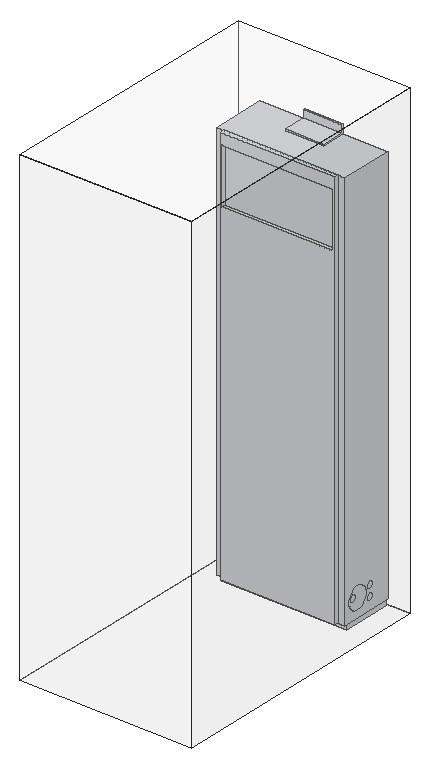
Revit family "psfy-p56160gmg9_50hz", category 機械設備, Revit 2019
Family settings
  丸型コネクタ寸法 = 直径を使用
  パーツ タイプ = 標準
  OmniClass 番号 = 23.75.10.24.21.27.27
  OmniClass タイトル = Split System Air Conditioning Units
  作業面ベース = いいえ
  常に垂直 = はい
  ロード時にボイドで切り取り = いいえ
  共有 = いいえ
  部屋計算ポイント = はい
Parameters (values of type "床置_PSFY-P80GMG9")
  風量_強 (㎥/min) = 18
  風量_弱 (㎥/min) = 15
  風量 = MAX風量  # 1080.0 m³/h
  音響パワーレベル_弱 (dB) = 53
  音響パワーレベル_強 (dB) = 58
  音響パワーレベル(dB) = [音響パワーレベル_強 (dB)]  # 58
  電線用ノックアウト穴Z2 = 90 mm
  電線用ノックアウト穴Z1 = 140 mm
  電線用ノックアウト穴Y = 110 mm
  電源種別 = ""
  電源_H = 0 mm
  電気品箱位置W = 22 mm
  電気品箱位置H = 714 mm
  電気品箱位置D = 40 mm
  電気品箱D = 66 mm
  電機品箱W = 461 mm
  電機品箱H = 123 mm
  電圧 = 200 V
  電動機出力_送風機 = 0.03 kW
  運転質量 = 0.00 kg
  連動 = ""
  転倒防止金具幅 = 260 mm
  質量 = if(製品質量 > 運転質量, 製品質量, 運転質量) * 1.2  # 51.60 kg
  負荷分類 = 3_ファン類
  構成品番 = "PSFY-P80GMG9"
  吊り位置y_3 = 175 mm
  吊り位置X_3 = 99 mm
  冷媒，ドレン配管用ノックアウト穴正面-Z = 110 mm
  冷媒，ドレン配管用ノックアウト穴正面-X2 = 20 mm
  ドレン管径 (外径) = 26 mm
  【値が 0 の項目は組合せ形名にてご確認ください】 = ""
  MIN風量 = [風量_弱 (㎥/min)] * 60.0 m³/h  # 900.0 m³/h
  MAX風量 = [風量_強 (㎥/min)] * 60.0 m³/h  # 1080.0 m³/h
  吸込口高さ = 608 mm
  吸込口幅 = 530 mm
  吊り位置Y_1 = 55 mm
  吊り位置Y_2 = 143 mm
  吊り位置X_2 = 277 mm
  吊り位置X_1 = 218 mm
  冷媒，ドレン配管用ノックアウト穴側面-Z = 115 mm
  冷媒，ドレン配管用ノックアウト穴側面-Y = 180 mm
  冷媒，ドレン配管用ノックアウト穴正面-X1 = 105 mm
  冷媒液管位置-Z = 590 mm
  冷媒液管位置-Y = 186 mm
  冷媒液管位置-X = 48 mm
  冷媒ガス管位置-Z = 480 mm
  冷媒ガス管位置-Y = 186 mm
  冷媒ガス管位置-X = 95 mm
  吹出口高さ = 260 mm
  吹出口幅 = 520 mm
  ドレン管径-Y = 209 mm
  ドレン管径-X = 27 mm
  ケーブルサイズ = 1.6 mm
  Width = 600 mm
  URL = "https://www.mitsubishielectric.co.jp/ldg/wink/ssl/top.do"
  Height = 1900 mm
  説明 = "ビル用マルチ 床置形室内機"
  設計暖房能力 = 0.00 kW
  設計冷房能力_顕熱 = 0 kW
  設計冷房能力 = 0 kW
  設置方法 = "床置形"
  記号 = ""
  製造元 = "三菱電機株式会社"
  製品質量 = 43.00 kg
  製品出荷対象 = "国内"
  製品リリース年月 = ""
  製品グループ = ""
  系統 = ""
  符号 = "PAC_FRV"
  積算_科目 = "1 空気調和設備"
  積算_拾い区分 [instance] = ""
  相 = 1
  盤記号 = ""
  発停方法 = "付属スイッチ"
  特殊仕様 = ""
  火災停止 = ""
  消費電力_暖房 = 0.15 kW
  消費電力_冷房 = 0.15 kW
  消費電力 = if(消費電力_冷房 > 消費電力_暖房, 消費電力_冷房, 消費電力_暖房)  # 0.15 kW
  法定耐用年数 = "6"
  極数 = 1
  材質 = ""
  本体マテリアル = none
  有効加湿量 = 0
  暖房能力 = 9.00 kW
  推奨ブレーカー容量 = 0 A
  形式_加湿器 = ""
  形式 = "床置（露出）立形"
  幹線記号 = ""
  始動方式 = "直入"
  呼称 = "室内機_床置（露出）立形（直吹）"
  周波数 = 50 Hz
  台数_手元リモコン = ""
  台数_冷媒分岐ユニット = ""
  参照している仕様書等のバージョン = "公共建築工事標準仕様書（機械設備工事編）平成31年度版"
  加湿給水管径 = 0.00 mm
  分類コード = "5.0053E+13"
  分類グループ = ""
  冷房能力 = 8 kW
  冷媒高低圧ガス管径 = 0.00 mm
  冷媒管径符号 = "Bd"
  冷媒管径 = 100.00 mm
  冷媒液管径 = 9.52 mm
  冷媒ガス管径 = 15.88 mm
  企業コード = "108420"
  付属品_フィルター = ""
  付属品 = ""
  仕様書バージョン = "Version1.0"
  Model = ""
  パネルマテリアル = none
  ドレン管径 = 20.00 mm
  サービススペース = yes
  コメント [instance] = ""
  ケーブル種類 = ""
  Version = ""
  Uniclass2015Version = "Systems v1.9"
  Uniclass2015Title = "Split coil remote air cooled condensing units"
  Uniclass2015Code = "Pr_70_65_03_84"
  SpecificationReference = ""
  SpecificationDescription = ""
  Revision = ""
  ProductInformation = ""
  OmniClassCode = "23-33 17 13 11"
  IfcTypeProduct = ""
  IfcProduct = ""
  IfcExportType = "AIRCONDITIONINGUNIT"
  IfcExportAs = "IfcUnitaryEquipmentType"
  Depth = 270 mm
  価格 = 0
  Clearance Top = 300 mm
  Clearance Right = 100 mm
  Clearance Left = 100 mm
  Clearance Front = 1000 mm
  Clearance Bottom = 0 mm
  Clearance Back = 5 mm
  B = 827 mm
  Author = "三菱電機株式会社"
  A = 216 mm
Types (6, lengths in mm): name | 風量_強 (㎥/min) | 風量_弱 (㎥/min) | 風量 | 音響パワーレベル_弱 (dB) | 音響パワーレベル_強 (dB) | 音響パワーレベル(dB) | 電線用ノックアウト穴Y | 電動機出力_送風機 | 質量 | 構成品番 | 吊り位置y_3 | MIN風量 | MAX風量 | 吊り位置Y_1 | 吊り位置Y_2 | 冷媒，ドレン配管用ノックアウト穴側面-Y | 冷媒液管位置-Y | 冷媒ガス管位置-Y | ドレン管径-Y | 製品質量 | 消費電力_暖房 | 消費電力_冷房 | 消費電力 | 暖房能力 | 冷房能力 | Depth
  床置_PSFY-P112GMG9 | 33 | 26 | 1980.0 m³/h | 58 | 63 | 63 | 190 | 0.11 kW | 64.80 kg | "PSFY-P112GMG9" | 255 | 1560.0 m³/h | 1980.0 m³/h | 77 | 201 | 260 | 261 | 261 | 289 | 54.00 kg | 0.32 kW | 0.32 kW | 0.32 kW | 12.50 kW | 11.2 kW | 350
  床置_PSFY-P56GMG9 | 16 | 13 | 960.0 m³/h | 48 | 53 | 53 | 110 | 0.02 kW | 49.20 kg | "PSFY-P56GMG9" | 175 | 780.0 m³/h | 960.0 m³/h | 55 | 143 | 180 | 186 | 186 | 209 | 41.00 kg | 0.13 kW | 0.13 kW | 0.13 kW | 6.30 kW | 5.6 kW | 270
  床置_PSFY-P71GMG9 | 16 | 13 | 960.0 m³/h | 51 | 56 | 56 | 110 | 0.025 kW | 51.60 kg | "PSFY-P71GMG9" | 175 | 780.0 m³/h | 960.0 m³/h | 55 | 143 | 180 | 186 | 186 | 209 | 43.00 kg | 0.14 kW | 0.14 kW | 0.14 kW | 8.00 kW | 7.1 kW | 270
  床置_PSFY-P80GMG9 | 18 | 15 | 1080.0 m³/h | 53 | 58 | 58 | 110 | 0.03 kW | 51.60 kg | "PSFY-P80GMG9" | 175 | 900.0 m³/h | 1080.0 m³/h | 55 | 143 | 180 | 186 | 186 | 209 | 43.00 kg | 0.15 kW | 0.15 kW | 0.15 kW | 9.00 kW | 8 kW | 270
  床置_PSFY-P140GMG9 | 33 | 26 | 1980.0 m³/h | 58 | 63 | 63 | 190 | 0.11 kW | 64.80 kg | "PSFY-P140GMG9" | 255 | 1560.0 m³/h | 1980.0 m³/h | 77 | 201 | 260 | 261 | 261 | 289 | 54.00 kg | 0.32 kW | 0.32 kW | 0.32 kW | 16.00 kW | 14 kW | 350
  床置_PSFY-P160GMG9 | 35 | 27 | 2100.0 m³/h | 60 | 66 | 66 | 190 | 0.12 kW | 64.80 kg | "PSFY-P160GMG9" | 255 | 1620.0 m³/h | 2100.0 m³/h | 77 | 201 | 260 | 261 | 261 | 289 | 54.00 kg | 0.35 kW | 0.35 kW | 0.35 kW | 18.00 kW | 16 kW | 350
Reference planes
  plane 1 "中心(正面/背面)": y = 0
  plane 2: z = 0
  plane 3 "中心(左/右)": x = 0
  plane 4: x = -300
  plane 5: x = 300
  plane 6: z = 1900
  plane 7: z = 30
  plane 8: x = 205
  plane 9: x = 252
  plane 10: x = 273
  plane 11: x = -130
  plane 12: x = 130
  plane 13: z = 590
  plane 14: z = 480
  plane 15: z = 1590
  plane 16: z = 824
  plane 17: z = 216
  plane 18: x = -265
  plane 19: x = 265
  plane 20: z = 857
  plane 21: z = 1850
  plane 22: x = -400
  plane 23: x = 400
  plane 24: z = 2200
  plane 25: z = 115
  plane 26: y = 0
  plane 27: y = -250
  plane 28 "Front": y = -270
  plane 29: y = -186
  plane 30: y = -186
  plane 31: y = -209
  plane 32: y = 5
  plane 33: y = -1270
  plane 34: y = -180
  plane 35: y = -110
  plane 36: x = -122.5
  plane 37: x = 122.5
  plane 38: y = -55
  plane 39: y = -198
  plane 40: x = -138.5
  plane 41: x = 138.5
  plane 42: x = -109
  plane 43: x = 109
  plane 44: z = 110
  plane 45: x = 195
  plane 46: x = -20
  plane 47: z = 90
  plane 48: z = 140
  plane 49: z = 125
  plane 50: x = -290
  plane 51: y = -175
  plane 52: x = 201
  plane 53: z = 714
  plane 54: z = 837
  plane 55: x = -278
  plane 56: x = 183
  plane 57: y = -230
  plane 58: y = -164
Forms (mm)
  Extrusion 1, solid
    sketch origin (0, -125, 0) x (1, 0, 0) y (0, 1, 0)
      loop
        line (-300, 125) -> (-300, -125) -> (300, -125) -> (300, 125) -> (-300, 125)
    from 30 to 1900
  Extrusion 2, solid, detail levels fine
    sketch origin (0, -125, 0) x (1, 0, 0) y (0, 1, 0)
      loop
        line (-265, -145) -> (265, -145) -> (265, -125) -> (-265, -125) -> (-265, -145)
    from 30 to 1900
  Extrusion 3, solid, detail levels fine
    sketch origin (0, -125, 0) x (1, 0, 0) y (0, 1, 0)
      loop
        line (-290, -105) -> (290, -105) -> (290, 125) -> (-290, 125) -> (-290, -105)
    from 0 to 30
  Extrusion 4, solid, detail levels fine
    sketch origin (0, -125, 0) x (0, 1, 0) y (0, 0, 1)
      loop
        line (125, 1940) -> (120, 1940) -> (120, 1904.676) -> (14, 1904.676) -> (14, 1900) -> (125, 1900) -> (125, 1940)
    from -90 to 90
  Extrusion 5, solid, detail levels fine
    sketch origin (0, -125, 0) x (1, 0, 0) y (0, 1, 0)
      loop
        circle (205, -61) r 7.94
    from 480 to 827
  Extrusion 6, solid, detail levels fine
    sketch origin (35, -140, 0) x (1, 0, 0) y (0, 1, 0)
      loop
        circle (217, -46) r 4.76
    from 590 to 827
  Extrusion 7, solid, detail levels fine
    sketch origin (0, -125, 0) x (1, 0, 0) y (0, 1, 0)
      loop
        circle (273, -84) r 13
    from 125 to 827
  Extrusion 8, void
    sketch origin (0, -125, 0) x (1, 0, 0) y (0, 0, 1)
      loop
        line (-260, 1850) -> (-260, 1590) -> (260, 1590) -> (260, 1850) -> (-260, 1850)
    from 125 to 145
  Extrusion 9, solid, detail levels fine
    sketch origin (0, -125, 0) x (0, 1, 0) y (0, 0, 1)
      loop
        circle (-55, 115) r 50
    from 290 to 300
  Extrusion 10, solid
    sketch origin (1480.036, -270, 1200) x (1, 0, 0) y (0, 0, -1)
      loop
        circle (-1500.036, 1090) r 50
    from 265 to 270
  Extrusion 11, solid
    sketch origin (1630.036, -270, 1200) x (1, 0, 0) y (0, 0, -1)
      loop
        circle (-1435.036, 1090) r 50
    from 265 to 270
  Extrusion 12, solid, detail levels fine
    sketch origin (0, 0, 0) x (0, 1, 0) y (0, 0, 1)
      loop
        circle (-110, 90) r 13.5
      loop
        circle (-110, 140) r 13.5
    from 290 to 300
  Extrusion 13, solid
    sketch origin (0, 0, 0) x (1, 0, 0) y (0, 1, 0)
      loop
        circle (231, -175) r 13
    from 0 to 1.766
  Extrusion 14, solid
    sketch origin (0, 0, 0) x (0, 1, 0) y (0, 0, 1)
      loop
        circle (-209, 125) r 13
    from 300 to 290
  Extrusion 15, solid
    sketch origin (0, 0, 0) x (0, 1, 0) y (0, 0, 1)
      loop
        circle (-180, 115) r 50
    from -290 to -300
  Extrusion 16, solid
    sketch origin (0, 0, 0) x (0, 1, 0) y (0, 0, 1)
      loop
        circle (-209, 125) r 13
    from -300 to -290
  Extrusion 17, solid
    sketch origin (0, 0, 0) x (1, 0, 0) y (0, 1, 0)
      loop
        circle (201, -175) r 50
    from 0 to 30
  Extrusion 18, solid
    sketch origin (1480.036, -270, 1200) x (1, 0, 0) y (0, 0, -1)
      loop
        circle (-1470.036, 1085) r 13
    from 270 to 265
  Extrusion 19, solid
    sketch origin (1480.036, -270, 1200) x (1, 0, 0) y (0, 0, -1)
      loop
        circle (-1255.036, 1085) r 13
    from 265 to 270
  Extrusion 20, solid, detail levels fine
    sketch origin (1480.036, -270, 1200) x (1, 0, 0) y (0, 0, -1)
      loop
        line (-1758.036, 486) -> (-1758.036, 363) -> (-1297.036, 363) -> (-1297.036, 486) -> (-1758.036, 486)
    from 40 to 106
Cuts and joins
  Extrusion 8 cuts Extrusion 1
  Extrusion 8 cuts Extrusion 2
Lines and regions (mm)
  model lines, detail levels fine
    curve 1: line (-300, -250, 857) -> (-265, -250, 857)
    curve 2: line (300, -250, 857) -> (265, -250, 857)
    curve 3: line (-265, -270, 216) -> (265, -270, 216)
    curve 4: line (-265, -270, 824) -> (-265, -270, 216)
    curve 5: line (265, -270, 824) -> (265, -270, 216)
    curve 6: line (-265, -270, 824) -> (265, -270, 824)
    curve 7: line (-265, -270, 233.882) -> (265, -270, 233.882)
    curve 8: line (-265, -270, 251.765) -> (265, -270, 251.765)
    curve 9: line (-265, -270, 269.647) -> (265, -270, 269.647)
    curve 10: line (-265, -270, 287.529) -> (265, -270, 287.529)
    curve 11: line (-265, -270, 305.412) -> (265, -270, 305.412)
    curve 12: line (-265, -270, 323.294) -> (265, -270, 323.294)
    curve 13: line (-265, -270, 341.176) -> (265, -270, 341.176)
    curve 14: line (-265, -270, 359.059) -> (265, -270, 359.059)
    curve 15: line (-265, -270, 376.941) -> (265, -270, 376.941)
    curve 16: line (-265, -270, 394.824) -> (265, -270, 394.824)
    curve 17: line (-265, -270, 412.706) -> (265, -270, 412.706)
    curve 18: line (-265, -270, 430.588) -> (265, -270, 430.588)
    curve 19: line (-265, -270, 448.471) -> (265, -270, 448.471)
    curve 20: line (-265, -270, 466.353) -> (265, -270, 466.353)
    curve 21: line (-265, -270, 484.235) -> (265, -270, 484.235)
    curve 22: line (-265, -270, 502.118) -> (265, -270, 502.118)
    curve 23: line (-265, -270, 520) -> (265, -270, 520)
    curve 24: line (-265, -270, 537.882) -> (265, -270, 537.882)
    curve 25: line (-265, -270, 555.765) -> (265, -270, 555.765)
    curve 26: line (-265, -270, 573.647) -> (265, -270, 573.647)
    curve 27: line (-265, -270, 591.529) -> (265, -270, 591.529)
    curve 28: line (-265, -270, 609.412) -> (265, -270, 609.412)
    curve 29: line (-265, -270, 627.294) -> (265, -270, 627.294)
    curve 30: line (-265, -270, 645.176) -> (265, -270, 645.176)
    curve 31: line (-265, -270, 663.059) -> (265, -270, 663.059)
    curve 32: line (-265, -270, 680.941) -> (265, -270, 680.941)
    curve 33: line (-265, -270, 698.824) -> (265, -270, 698.824)
    curve 34: line (-265, -270, 716.706) -> (265, -270, 716.706)
    curve 35: line (-265, -270, 734.588) -> (265, -270, 734.588)
    curve 36: line (-265, -270, 752.471) -> (265, -270, 752.471)
    curve 37: line (-265, -270, 770.353) -> (265, -270, 770.353)
    curve 38: line (-265, -270, 788.235) -> (265, -270, 788.235)
    curve 39: line (-265, -270, 806.118) -> (265, -270, 806.118)
    curve 40: line (260, -270, 1850) -> (260, -270, 1590)
    curve 41: line (-260, -270, 1590) -> (260, -270, 1590)
    curve 42: line (99, -270, 1460) -> (229, -270, 1460)
    curve 43: line (229, -270, 1460) -> (229, -270, 1330)
    curve 44: line (-260, -270, 1590) -> (260, -270, 1590)
    curve 45: line (-260, -270, 1850) -> (-260, -270, 1590)
    curve 46: line (-260, -270, 1850) -> (260, -270, 1850)
    curve 47: line (-260, -270, 1627.143) -> (260, -270, 1627.143)
    curve 48: line (-260, -270, 1664.286) -> (260, -270, 1664.286)
    curve 49: line (-260, -270, 1701.429) -> (260, -270, 1701.429)
    curve 50: line (-260, -270, 1738.571) -> (260, -270, 1738.571)
    curve 51: line (-260, -270, 1775.714) -> (260, -270, 1775.714)
    curve 52: line (-260, -270, 1812.857) -> (260, -270, 1812.857)
    curve 53: line (260, -270, 1850) -> (260, -270, 1590)
    curve 54: line (-185.714, -270, 1850) -> (-185.714, -270, 1590)
    curve 55: line (-111.429, -270, 1850) -> (-111.429, -270, 1590)
    curve 56: line (-37.143, -270, 1850) -> (-37.143, -270, 1590)
    curve 57: line (37.143, -270, 1850) -> (37.143, -270, 1590)
    curve 58: line (111.429, -270, 1850) -> (111.429, -270, 1590)
    curve 59: line (185.714, -270, 1850) -> (185.714, -270, 1590)
    curve 60: line (265, -270, 857) -> (-265, -270, 857)
    curve 61: line (99, -270, 1460) -> (99, -270, 1330)
    curve 62: line (99, -270, 1330) -> (229, -270, 1330)
Dimensions and locks
  equal spacing: plane 4, plane 3 "中心(左/右)", plane 5
  "Width": plane 4 to plane 5
  "Height": plane 6 to plane 2
  plane 7 to level = 30 mm
  equal spacing: plane 11, plane 3 "中心(左/右)", plane 12
  "転倒防止金具幅": plane 11 to plane 12
  "冷媒液管位置-Z": plane 13 to plane 2
  "冷媒ガス管位置-Z": plane 14 to plane 2
  "A": plane 17 to plane 2
  "吸込口高さ": plane 16 to plane 17
  "B": plane 20 to plane 7
  locked: plane 6 to plane 21 at 50
  "吹出口高さ": plane 21 to plane 15
  equal spacing: plane 19, plane 3 "中心(左/右)", plane 18
  "吸込口幅": plane 19 to plane 18
  plane 12 to plane 11 = 260 mm
  plane 5 to plane 4 = 600 mm
  "Clearance Left": plane 22 to plane 4
  "Clearance Top": plane 24 to plane 6
  "冷媒，ドレン配管用ノックアウト穴側面-Z": plane 25 to plane 2
  plane 27 to plane 28 "Front" = 20 mm
  locked: Extrusion 3 sketch curve to plane 5 at 10
  locked: Extrusion 3 sketch curve to plane 27 at 20
  "冷媒ガス管位置-Y": plane 29 to plane 26
  "冷媒液管位置-Y": plane 30 to plane 26
  "ドレン管径-Y": plane 31 to plane 26
  locked: Extrusion 4 sketch curve to Extrusion 4 sketch curve at 5
  locked: Extrusion 4 sketch curve to Extrusion 4 sketch curve at 111
  "冷媒ガス管位置-X": plane 8 to plane 5
  "冷媒液管位置-X": plane 9 to plane 5
  "ドレン管径-X": plane 10 to plane 5
  equal spacing: Extrusion 8 sketch curve, plane 3 "中心(左/右)", Extrusion 8 sketch curve
  "吹出口幅": Extrusion 8 sketch curve to Extrusion 8 sketch curve
  "Clearance Front": plane 28 "Front" to plane 33
  "Clearance Back": plane 26 to plane 32
  "Clearance Right": plane 5 to plane 23
  locked: Extrusion 9 to plane 5 at 10
  equal spacing: curve 6, curve 39, curve 38, curve 37, curve 36, curve 35, curve 34, curve 33, curve 32, curve 31, curve 30, curve 29, curve 28, curve 27, curve 26, curve 25, curve 24, curve 23, curve 22, curve 21, curve 20, curve 19, curve 18, curve 17, curve 16, curve 15, curve 14, curve 13, curve 12, curve 11, curve 10, curve 9, curve 8, curve 7, curve 3
  cut or joined group of Extrusion 2, Extrusion 8 to cut or joined group of Extrusion 2, Extrusion 8 = 520 mm
  equal spacing: cut or joined group of Extrusion 2, Extrusion 8, curve 52, curve 51, curve 50, curve 49, curve 48, curve 47, cut or joined group of Extrusion 2, Extrusion 8
  "Clearance Bottom": plane 2 to nested 1
  plane 15 to curve 42 = 130 mm
  "電線用ノックアウト穴Y": plane 26 to plane 35
  "冷媒，ドレン配管用ノックアウト穴側面-Y": plane 26 to plane 34
  equal spacing: cut or joined group of Extrusion 2, Extrusion 8, curve 54, curve 55, curve 56, curve 57, curve 58, curve 59, cut or joined group of Extrusion 2, Extrusion 8
  "吊り位置Y_1": plane 38 to plane 26
  "吊り位置Y_2": plane 38 to plane 39
  equal spacing: plane 40, plane 3 "中心(左/右)", plane 41
  "吊り位置X_2": plane 40 to plane 41
  equal spacing: plane 42, plane 3 "中心(左/右)", plane 43
  "吊り位置X_1": plane 42 to plane 43
  "冷媒，ドレン配管用ノックアウト穴正面-X1": plane 45 to plane 5
  "冷媒，ドレン配管用ノックアウト穴正面-X2": plane 3 "中心(左/右)" to plane 46
  "電線用ノックアウト穴Z2": plane 47 to level
  "電線用ノックアウト穴Z1": plane 48 to plane 2
  locked: Extrusion 11 to cut or joined group of Extrusion 1, Extrusion 8 at 5
  locked: Extrusion 10 to cut or joined group of Extrusion 1, Extrusion 8 at 5
  "冷媒，ドレン配管用ノックアウト穴正面-Z": plane 2 to plane 44
  plane 8 to plane 9 = 47 mm
  "Depth": plane 26 to plane 28 "Front"
  plane 49 to level = 125 mm
  plane 50 to plane 4 = 10 mm
  "吊り位置y_3": plane 26 to plane 51
  "吊り位置X_3": plane 52 to plane 5
  Extrusion 18 sketch curve to plane 46 = 30 mm
  plane 45 to Extrusion 19 sketch curve = 30 mm
  plane 52 to Extrusion 13 sketch curve = 30 mm
  "電機品箱W": plane 56 to plane 55
  "電気品箱位置W": plane 55 to plane 4
  "電気品箱位置H": plane 53 to plane 2
  "電機品箱H": plane 54 to plane 53
  "電気品箱位置D": plane 28 "Front" to plane 57
  "電気品箱D": plane 57 to plane 58
  "冷媒ガス管径": diameter of Extrusion 5 sketch curve
  "冷媒液管径": diameter of Extrusion 6 sketch curve
  "ドレン管径 (外径)": diameter of Extrusion 7 sketch curve
  "冷媒管径": diameter of Extrusion 9 sketch curve
  "冷媒管径": diameter of Extrusion 10 sketch curve
  "冷媒管径": diameter of Extrusion 11 sketch curve
  "ドレン管径 (外径)": diameter of Extrusion 13 sketch curve
  "ドレン管径 (外径)": diameter of Extrusion 14 sketch curve
  "冷媒管径": diameter of Extrusion 17 sketch curve
  "ドレン管径 (外径)": diameter of Extrusion 18 sketch curve
  "ドレン管径 (外径)": diameter of Extrusion 19 sketch curve
  aligned and locked: level to plane 2
  aligned and locked: plane 26 to Extrusion 1 sketch curve
  aligned and locked: plane 27 to Extrusion 1 sketch curve
  aligned and locked: plane 5 to Extrusion 1 sketch curve
  aligned and locked: plane 27 to Extrusion 2 sketch curve
  aligned and locked: Extrusion 2 sketch curve to plane 28 "Front"
  aligned and locked: Extrusion 3 sketch curve to plane 26
  aligned and locked: plane 8 to Extrusion 5 sketch curve
  aligned and locked: plane 29 to Extrusion 5 sketch curve
  aligned and locked: plane 9 to Extrusion 6 sketch curve
  aligned and locked: plane 30 to Extrusion 6 sketch curve
  aligned and locked: plane 10 to Extrusion 7 sketch curve
  aligned and locked: plane 31 to Extrusion 7 sketch curve
  aligned and locked: Extrusion 7 to Extrusion 5
  aligned and locked: Extrusion 6 to Extrusion 5
  aligned and locked: Extrusion 8 to plane 28 "Front"
  aligned and locked: plane 27 to Extrusion 8
  aligned and locked: plane 32 to nested 1
  aligned and locked: nested 1 to plane 33
  aligned and locked: plane 34 to Extrusion 9 sketch curve
  aligned and locked: Extrusion 9 to plane 5
  aligned and locked: Extrusion 9 to Extrusion 3
  aligned and locked: nested 1 to plane 23
  aligned and locked: plane 23 to nested 1
  aligned and locked: plane 1 "中心(正面/背面)" to plane 26
  aligned and locked: plane 24 to nested 1
  aligned and locked: plane 6 to cut or joined group of Extrusion 2, Extrusion 8
  aligned and locked: plane 6 to cut or joined group of Extrusion 1, Extrusion 8
  aligned and locked: Extrusion 4 to plane 6
  aligned and locked: plane 21 to cut or joined group of Extrusion 2, Extrusion 8
  aligned and locked: cut or joined group of Extrusion 2, Extrusion 8 to plane 15
  aligned and locked: cut or joined group of Extrusion 2, Extrusion 8 to plane 18
  aligned and locked: plane 19 to curve 5
  aligned and locked: plane 19 to curve 2
  aligned and locked: plane 18 to curve 1
  aligned and locked: Extrusion 5 to plane 14
  aligned and locked: Extrusion 6 to plane 13
  aligned and locked: curve 4 to plane 18
  aligned and locked: cut or joined group of Extrusion 2, Extrusion 8 to plane 19
  aligned and locked: plane 18 to cut or joined group of Extrusion 2, Extrusion 8
  aligned and locked: curve 53 to cut or joined group of Extrusion 2, Extrusion 8
  aligned and locked: curve 45 to cut or joined group of Extrusion 2, Extrusion 8
  aligned and locked: curve 46 to plane 21
  aligned and locked: curve 44 to plane 15
  aligned and locked: plane 19 to curve 60
  aligned and locked: plane 20 to curve 60
  aligned and locked: plane 22 to nested 1
  aligned and locked: Extrusion 1 to plane 4
  aligned and locked: cut or joined group of Extrusion 1, Extrusion 8 to plane 5
  aligned and locked: nested 1 to plane 24
  aligned and locked: cut or joined group of Extrusion 1, Extrusion 8 to plane 6
  aligned and locked: nested 2 to plane 38
  aligned and locked: nested 2 to plane 39  (x2)
  aligned and locked: plane 3 "中心(左/右)" to nested 2
  aligned and locked: nested 2 to plane 40
  aligned and locked: plane 41 to nested 2
  aligned and locked: plane 38 to nested 2
  aligned and locked: nested 2 to plane 41
  aligned and locked: plane 40 to nested 2
  aligned and locked: plane 46 to Extrusion 10 sketch curve
  aligned and locked: plane 44 to Extrusion 10 sketch curve
  aligned and locked: plane 45 to Extrusion 11 sketch curve
  aligned and locked: plane 44 to Extrusion 11 sketch curve
  aligned and locked: Extrusion 11 to plane 1 "中心(正面/背面)"
  aligned and locked: Extrusion 10 to plane 1 "中心(正面/背面)"
  aligned and locked: Extrusion 4 to Extrusion 10
  aligned and locked: level to nested 1  (x2)
  aligned and locked: plane 48 to Extrusion 12 sketch curve
  aligned and locked: plane 47 to Extrusion 12 sketch curve
  aligned and locked: Extrusion 12 to plane 5
  aligned and locked: Extrusion 12 to Extrusion 3
  aligned and locked: Extrusion 7 to plane 49
  aligned and locked: plane 31 to Extrusion 14 sketch curve
  aligned and locked: plane 49 to Extrusion 14 sketch curve
  aligned and locked: Extrusion 14 to plane 5
  aligned and locked: Extrusion 9 to Extrusion 14
  aligned and locked: Extrusion 15 sketch curve to Extrusion 9
  aligned and locked: Extrusion 15 to plane 4
  aligned and locked: Extrusion 3 to Extrusion 15
  aligned and locked: Extrusion 16 sketch curve to Extrusion 14
  aligned and locked: Extrusion 16 to plane 4
  aligned and locked: Extrusion 3 to Extrusion 16
  aligned and locked: plane 52 to Extrusion 17 sketch curve
  aligned and locked: plane 51 to Extrusion 17 sketch curve
  aligned and locked: plane 25 to Extrusion 18 sketch curve
  aligned and locked: plane 25 to Extrusion 19 sketch curve
  aligned and locked: Extrusion 18 to plane 1 "中心(正面/背面)"
  aligned and locked: Extrusion 10 to Extrusion 18
  aligned and locked: Extrusion 19 to plane 1 "中心(正面/背面)"
  aligned and locked: Extrusion 10 to Extrusion 19
  aligned and locked: plane 51 to Extrusion 13 sketch curve
  aligned and locked: plane 54 to Extrusion 20
  aligned and locked: Extrusion 20 to plane 53
  aligned and locked: Extrusion 20 to plane 55
  aligned and locked: plane 56 to Extrusion 20
  aligned and locked: plane 57 to Extrusion 20
  aligned and locked: Extrusion 20 to plane 58
Automatic sketch dimensions
  Extrusion 1 sketch curve to plane 4 = 0 mm
  Extrusion 2 sketch curve to plane 18 = 0 mm
  Extrusion 2 sketch curve to plane 19 = 0 mm
  plane 4 to Extrusion 3 sketch curve = 10 mm
  Extrusion 4 sketch curve to plane 6 = 0 mm
  plane 1 "中心(正面/背面)" to Extrusion 4 sketch curve = 0 mm
  plane 6 to Extrusion 4 sketch curve = 4.676 mm
  Extrusion 4 sketch curve to Extrusion 4 sketch curve = 35.324 mm
  curve 1 to plane 4 = 0 mm
  plane 5 to curve 2 = 0 mm
  curve 1 to plane 20 = 0 mm
  curve 2 to plane 20 = 0 mm
  Extrusion 12 sketch curve to plane 35 = 0 mm  (x2)
  curve 3 to plane 17 = 0 mm
  curve 3 to plane 18 = 0 mm
  curve 60 to plane 18 = 0 mm
  curve 5 to plane 16 = 0 mm
  Extrusion 20 sketch curve to plane 54 = 0 mm
  Extrusion 20 sketch curve to plane 55 = 0 mm
  Extrusion 20 sketch curve to plane 56 = 0 mm
  Extrusion 20 sketch curve to plane 53 = 0 mm
  curve 42 to plane 9 = 23 mm
  plane 43 to curve 61 = 10 mm
  curve 61 to curve 42 = 130 mm
  Extrusion 8 sketch curve to plane 15 = 0 mm
  Extrusion 8 sketch curve to plane 21 = 0 mm
  Extrusion 9 sketch curve to plane 25 = 0 mm
  radius of Extrusion 12 sketch curve = 13.5 mm  (x2)
Nested families
  nested 1: "サービススペース" at (0, -632.5, 1100), visible <- "サービススペース", type "サービススペース"
    with Width 800 mm, Height 2200 mm, Depth 1275 mm
  nested 2: "固定点" at (0, -198, 0), W2 <- "吊り位置X_2", D <- "吊り位置Y_2", W1 <- "吊り位置X_1", type "固定点"
    with W2 277 mm, W1 218 mm, D 143 mm
Connectors
  piping at (300, -180, 115), diameter 100, driven by "冷媒管径", driven by "冷媒管径符号"
    settings: on Extrusion 9, index 6, connector inside diameter 609.60 mm, connector length 0 mm, flow factor 0, pipe flow 0.0 L/s, pressure drop 0.0 Pa, fitting loss kfactor 0, connector angle 0.00°, fixture units 0, engagement length 0 mm, angle of deflection 0.00°, flow configuration 1, flow direction 1, fitting loss method 4, system type 7, joint type 0, gender type 0, connector reference index -1, connector utility 0, adjustable connector no, is connector primary yes, connector description "Bd"
  piping at (195, 0, 110), diameter 100, driven by "冷媒管径", driven by "冷媒管径符号"
    settings: on Extrusion 11, index 8, connector inside diameter 609.60 mm, connector length 0 mm, flow factor 0, pipe flow 0.0 L/s, pressure drop 0.0 Pa, fitting loss kfactor 0, connector angle 0.00°, fixture units 0, engagement length 0 mm, angle of deflection 0.00°, flow configuration 1, flow direction 1, fitting loss method 4, system type 7, joint type 0, gender type 0, connector reference index -1, connector utility 0, adjustable connector no, is connector primary no, connector description "Bd"
  piping at (-20, 0, 110), diameter 100, driven by "冷媒管径", driven by "冷媒管径符号"
    settings: on Extrusion 10, index 9, connector inside diameter 609.60 mm, connector length 0 mm, flow factor 0, pipe flow 0.0 L/s, pressure drop 0.0 Pa, fitting loss kfactor 0, connector angle 0.00°, fixture units 0, engagement length 0 mm, angle of deflection 0.00°, flow configuration 1, flow direction 1, fitting loss method 4, system type 7, joint type 0, gender type 0, connector reference index -1, connector utility 0, adjustable connector no, is connector primary no, connector description "Bd"
  piping at (231, -175, 0), diameter 20, driven by "ドレン管径"
    settings: on Extrusion 13, index 11, connector inside diameter 609.60 mm, connector length 0 mm, flow factor 0, pipe flow 0.0 L/s, pressure drop 0.0 Pa, fitting loss kfactor 0, connector angle 0.00°, fixture units 0, engagement length 0 mm, angle of deflection 0.00°, flow configuration 1, flow direction 2, fitting loss method 4, system type 16, joint type 0, gender type 0, connector reference index -1, connector utility 0, adjustable connector no, is connector primary no, connector description ""
  piping at (300, -209, 125), diameter 20, driven by "ドレン管径"
    settings: on Extrusion 14, index 12, connector inside diameter 609.60 mm, connector length 0 mm, flow factor 0, pipe flow 0.0 L/s, pressure drop 0.0 Pa, fitting loss kfactor 0, connector angle 0.00°, fixture units 0, engagement length 0 mm, angle of deflection 0.00°, flow configuration 1, flow direction 2, fitting loss method 4, system type 16, joint type 0, gender type 0, connector reference index -1, connector utility 0, adjustable connector no, is connector primary no, connector description ""
  piping at (-300, -180, 115), diameter 100, driven by "冷媒管径", driven by "冷媒管径符号"
    settings: on Extrusion 15, index 13, connector inside diameter 609.60 mm, connector length 0 mm, flow factor 0, pipe flow 0.0 L/s, pressure drop 0.0 Pa, fitting loss kfactor 0, connector angle 0.00°, fixture units 0, engagement length 0 mm, angle of deflection 0.00°, flow configuration 1, flow direction 1, fitting loss method 4, system type 7, joint type 0, gender type 0, connector reference index -1, connector utility 0, adjustable connector no, is connector primary no, connector description "Bd"
  piping at (-300, -209, 125), diameter 20, driven by "ドレン管径"
    settings: on Extrusion 16, index 14, connector inside diameter 609.60 mm, connector length 0 mm, flow factor 0, pipe flow 0.0 L/s, pressure drop 0.0 Pa, fitting loss kfactor 0, connector angle 0.00°, fixture units 0, engagement length 0 mm, angle of deflection 0.00°, flow configuration 2, flow direction 2, fitting loss method 4, system type 16, joint type 0, gender type 0, connector reference index -1, connector utility 0, adjustable connector no, is connector primary no, connector description ""
  piping at (201, -175, 0), diameter 100, driven by "冷媒管径", driven by "冷媒管径符号"
    settings: on Extrusion 17, index 15, connector inside diameter 609.60 mm, connector length 0 mm, flow factor 0, pipe flow 0.0 L/s, pressure drop 0.0 Pa, fitting loss kfactor 0, connector angle 0.00°, fixture units 0, engagement length 0 mm, angle of deflection 0.00°, flow configuration 1, flow direction 1, fitting loss method 4, system type 7, joint type 0, gender type 0, connector reference index -1, connector utility 0, adjustable connector no, is connector primary no, connector description "Bd"
  piping at (225, 0, 115), diameter 20, driven by "ドレン管径"
    settings: on Extrusion 19, index 16, connector inside diameter 609.60 mm, connector length 0 mm, flow factor 0, pipe flow 0.0 L/s, pressure drop 0.0 Pa, fitting loss kfactor 0, connector angle 0.00°, fixture units 0, engagement length 0 mm, angle of deflection 0.00°, flow configuration 1, flow direction 2, fitting loss method 4, system type 16, joint type 0, gender type 0, connector reference index -1, connector utility 0, adjustable connector no, is connector primary no, connector description ""
  piping at (10, 0, 115), diameter 20, driven by "ドレン管径"
    settings: on Extrusion 18, index 17, connector inside diameter 609.60 mm, connector length 0 mm, flow factor 0, pipe flow 0.0 L/s, pressure drop 0.0 Pa, fitting loss kfactor 0, connector angle 0.00°, fixture units 0, engagement length 0 mm, angle of deflection 0.00°, flow configuration 1, flow direction 2, fitting loss method 4, system type 16, joint type 0, gender type 0, connector reference index -1, connector utility 0, adjustable connector no, is connector primary no, connector description ""
  electrical at (-47.5, -230, 775.5), driven by "極数", driven by "負荷分類", driven by "電圧", driven by "消費電力"
    settings: on Extrusion 20, index 18, voltage 200 V, apparent load 150 VA, apparent load phase1 0 VA, apparent load phase2 0 VA, apparent load phase3 0 VA, power factor 1, load classification "3_ファン類", number of poles 1, system type 30, power factor state 1, is connector primary yes, connector utility no, sub classification motor no, connector description ""
Definition of nested family "サービススペース"
  Parameters (values of type "サービススペース")
    Width [instance] = 500 mm
    Height [instance] = 500 mm
    Depth [instance] = 500 mm
  Reference planes
    plane 1 "中心(正面/背面)": y = 0
    plane 2: z = 0
    plane 3 "中心(左/右)": x = 0
    plane 4: y = -250
    plane 5: x = 250
    plane 6: y = 250
    plane 7: x = -250
    plane 8: z = 250
    plane 9: z = -250
  Forms (mm)
    Extrusion 1, solid
      sketch origin (-638.939, 0, 72.39) x (1, 0, 0) y (0, 1, 0)
        loop
          line (388.939, 250) -> (388.939, -250) -> (888.939, -250) -> (888.939, 250) -> (388.939, 250)
      from -322.39 to 177.61
  Lines and regions (mm)
    symbolic lines
      curve 1: line (-250, 0, 250) -> (250, 0, 250)
      curve 2: line (-250, 0, -250) -> (-250, 0, 250)
      curve 3: line (250, 0, -250) -> (-250, 0, -250)
      curve 4: line (250, 0, 250) -> (250, 0, -250)
      curve 5: line (0, -250, 250) -> (0, 250, 250)
      curve 6: line (0, -250, -250) -> (0, -250, 250)
      curve 7: line (0, 250, -250) -> (0, -250, -250)
      curve 8: line (0, 250, 250) -> (0, 250, -250)
      curve 9: line (-250, 250, 0) -> (250, 250, 0)
      curve 10: line (-250, -250, 0) -> (-250, 250, 0)
      curve 11: line (250, -250, 0) -> (-250, -250, 0)
      curve 12: line (250, 250, 0) -> (250, -250, 0)
  Dimensions and locks
    equal spacing: plane 7, plane 3 "中心(左/右)", plane 5
    equal spacing: plane 4, plane 1 "中心(正面/背面)", plane 6
    "Depth": plane 4 to plane 6
    "Width": plane 7 to plane 5
    equal spacing: plane 8, plane 2, plane 9
    "Height": plane 8 to plane 9
    aligned and locked: plane 9 to curve 3
    aligned and locked: plane 7 to curve 2
    aligned and locked: curve 4 to plane 5
    aligned and locked: plane 5 to Extrusion 1
    aligned and locked: Extrusion 1 to plane 7
    aligned and locked: Extrusion 1 to plane 9
    aligned and locked: plane 8 to Extrusion 1
    aligned and locked: plane 9 to curve 7
  Automatic sketch dimensions
    plane 4 to Extrusion 1 sketch curve = 0 mm
    Extrusion 1 sketch curve to plane 7 = 0 mm
    Extrusion 1 sketch curve to plane 5 = 0 mm
    plane 6 to Extrusion 1 sketch curve = 0 mm
    curve 2 to plane 8 = 0 mm
    plane 4 to curve 11 = 0 mm
    curve 11 to plane 7 = 0 mm
    curve 11 to plane 5 = 0 mm
    plane 6 to curve 10 = 0 mm
    curve 7 to plane 4 = 0 mm
    curve 7 to plane 6 = 0 mm
    curve 6 to plane 8 = 0 mm
Definition of nested family "固定点"
  Parameters (values of type "固定点")
    中心円 = 20 mm
    W2 [instance] = 277 mm
    W1 [instance] = 200 mm
    D [instance] = 210 mm
  Reference planes
    plane 1 "中心(正面/背面)": y = 0
    plane 2: z = 0
    plane 3 "中心(左/右)": x = 0
    plane 4: x = 138.5
    plane 5: y = 210
    plane 6: x = -100
    plane 7: x = -138.5
    plane 8: x = 100
    plane 9: x = 338.5
    plane 10: x = -338.5
    plane 11: y = -200
    plane 12: y = 420
  Lines and regions (mm)
    symbolic lines, detail levels fine
      curve 1: line (-338.5, 210, 0) -> (338.5, 210, 0)
      curve 2: line (-338.5, 0, 0) -> (338.5, 0, 0)
      curve 3: line (138.5, 420, 0) -> (138.5, -200, 0)
      curve 4: line (-100, 420, 0) -> (-100, -200, 0)
      curve 5: line (100, 420, 0) -> (100, -200, 0)
      curve 6: line (-138.5, 420, 0) -> (-138.5, -200, 0)
    model lines, detail levels fine
      curve 7: circle (-100, 0, 0) r 10 normal (0, 0, 1)
      curve 8: circle (100, 0, 0) r 10 normal (0, 0, 1)
      curve 9: circle (138.5, 210, 0) r 10 normal (0, 0, 1)
      curve 10: circle (-138.5, 210, 0) r 10 normal (0, 0, 1)
  Dimensions and locks
    "D": plane 1 "中心(正面/背面)" to plane 5
    equal spacing: plane 6, plane 3 "中心(左/右)", plane 8
    "W1": plane 6 to plane 8
    equal spacing: plane 7, plane 3 "中心(左/右)", plane 4
    "W2": plane 7 to plane 4
    locked: plane 11 to plane 1 "中心(正面/背面)" at 200
    locked: plane 10 to plane 7 at 200
    locked: plane 12 to plane 5 at 210
    locked: plane 4 to plane 9 at 200
    "中心円": diameter of curve 7
    "中心円": diameter of curve 8
    "中心円": diameter of curve 9
    "中心円": diameter of curve 10
    aligned and locked: level to plane 2
    aligned and locked: plane 1 "中心(正面/背面)" to curve 2
    aligned and locked: curve 3 to plane 4
    aligned and locked: curve 4 to plane 6
    aligned and locked: curve 6 to plane 7
    aligned and locked: curve 5 to plane 8
    aligned and locked: curve 1 to plane 5
    aligned and locked: plane 9 to curve 1
    aligned and locked: plane 9 to curve 2
    aligned and locked: plane 10 to curve 2
    aligned and locked: plane 11 to curve 3
    aligned and locked: plane 11 to curve 5
    aligned and locked: plane 11 to curve 4
    aligned and locked: plane 11 to curve 6
    aligned and locked: plane 12 to curve 3
    aligned and locked: plane 12 to curve 5
    aligned and locked: plane 12 to curve 4
    aligned and locked: plane 12 to curve 6
    aligned and locked: plane 10 to curve 1
    aligned and locked: plane 6 to curve 7
    aligned and locked: plane 1 "中心(正面/背面)" to curve 7
    aligned and locked: plane 8 to curve 8
    aligned and locked: plane 1 "中心(正面/背面)" to curve 8
    aligned and locked: plane 5 to curve 9
    aligned and locked: plane 4 to curve 9
    aligned and locked: plane 7 to curve 10
    aligned and locked: plane 5 to curve 10
